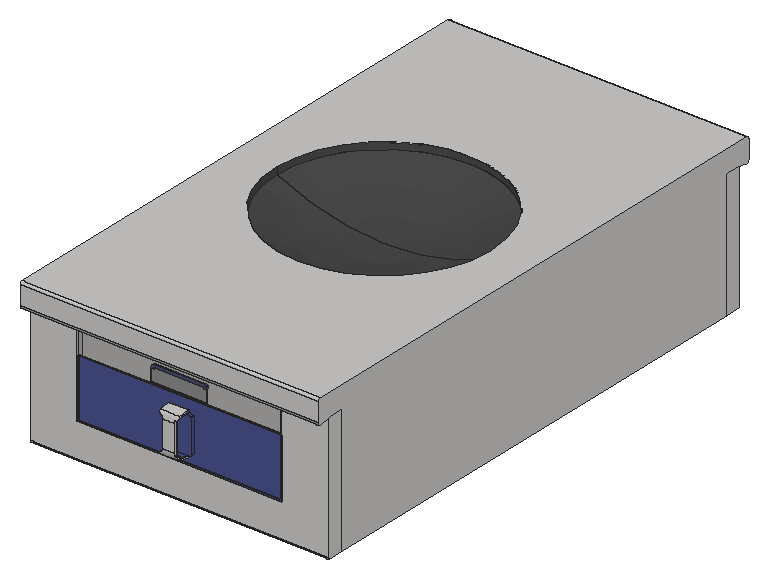
Revit family "QF_ELECTROLUXPROFESSIONAL_589034_MCIHAAEOAO", category Specialty Equipment, Revit 2018
Family settings
  Round Connector Dimension = Use Diameter
  Part Type = Normal
  Work Plane-Based = No
  Always vertical = Yes
  Cut with Voids When Loaded = No
  Shared = No
  Room Calculation Point = No
Parameters
  Weight in Pounds = 39.7
  Watts = 5000 VA  # 5000 W
  Volts = 400 V  # constant formula
  URL Cutsheet = ""
  Type Mark [instance] = ""
  Status [instance] = ""
  Specification by User [instance] = ""
  Specification by Manufacturer = ""
  Serial Number = ""
  Seismic Rating = ""
  SMACNA No = ""
  Revision Code [instance] = ""
  Phase = 3  # constant formula
  Omniclass Number and Title = ""
  Number of Poles [instance] = 1
  NAFEM Spec ID Number = ""
  Model = "589034"
  Min Ckt Ampacity = 0 A
  Max Overcurrent Protection = 0 A
  Masterspec = ""
  Manufacturer = "ELECTROLUX"
  Item Number [instance] = ""
  Installed By [instance] = ""
  Identify Quantity as Lot [instance] = yes
  HP = "6.7 HP"
  Furnished By [instance] = ""
  Foodservice Equipment Identifier [instance] = yes
  FL Amps [instance] = if(Phase = 3, Watts / (Volts * 1.73), Watts / Volts)  # 7.22543 A
  Electrical Remarks = "400 V/3N ph/50/60 Hz"  # constant formula
  Electric Connection Type [instance] = ""
  Elec Conn RI Height [instance] = 0 mm
  Elec Conn Connection Height [instance] = 0 mm
  Direct Waste Size = 0"
  Description = "INDUCTION WOK,1 ZONE,1-SIDE,500X900X250H"
  Cycle [instance] = if([60 Hertz Option], 60 Hz, 50 Hz)  # 60 Hz
  Conn Plug = ""
  Conn Conduit = yes
  CSI MasterFormat = ""
  CSI Master Format = ""
  Apparent Power [instance] = if(Phase = 3, Volts * FL Amps * 1.73, Volts * FL Amps)  # 5000 VA
  60 Hertz Option [instance] = not([50 Hertz Option])  # yes
  50 Hertz Option [instance] = no
Reference planes
  plane 1 "BACK": y = 0
  plane 2: z = 0
  plane 3 "LEFT": x = 0
  plane 4 "RIGHT": x = 500
  plane 5 "FRONT": y = -900
  plane 6 "TOP": z = 250
  plane 7: x = 250
  plane 8: y = -450
  plane 9: z = 582.185
  plane 10: x = 455
Forms (mm)
  Extrusion 1, solid, material "QF_Finishes_Stainless Steel"
    sketch origin (0, -487.128, 0) x (0, 1, 0) y (0, 0, 1)
      loop
        line (483.128, 250) -> (-408.872, 250)
        arc (-408.872, 250) -> (-411.7, 248.828) -> (-412.872, 246) r 4
        line (-412.872, 246) -> (-412.872, 214)
        arc (-412.872, 214) -> (-411.443, 210.936) -> (-408.177, 210.061) r 4
        line (-408.177, 210.061) -> (-391.509, 213) -> (-366.872, 213) -> (-366.872, 0) -> (441.128, 0) -> (441.128, 213) -> (465.765, 213) -> (482.433, 210.061)
        arc (482.433, 210.061) -> (485.699, 210.936) -> (487.128, 214) r 4
        line (487.128, 214) -> (487.128, 246)
        arc (487.128, 246) -> (485.956, 248.828) -> (483.128, 250) r 4
    from 0 to 500
  Extrusion 2, solid, material "QF_Finishes_Stainless Steel"
    sketch origin (0, 0, 0) x (0, 1, 0) y (0, 0, 1)
      loop
        line (-46, 0) -> (-20, 0) -> (-20, 213) -> (-46, 213) -> (-46, 0)
    from 0 to 500
  Extrusion 3, solid, material "QF_Finishes_Stainless Steel"
    sketch origin (0, -854, 0) x (1, 0, 0) y (0, -1, 0)
      loop
        circle (455, -169) r 6.35
    from 0 to 3.2
  Revolve 4, void
    sketch origin (-176.365, -450, 1219.2) x (-1, 0, 0) y (0, 0, 1)
      loop
        line (-426.365, -969.2) -> (-426.365, -1021.018)
        arc (-426.365, -1021.018) -> (-334.117, -1010.707) -> (-246.365, -980.45) r 421.407
        line (-246.365, -980.45) -> (-246.365, -969.2) -> (-426.365, -969.2)
      axis (-426.365, -969.2) -> (-426.365, -1021.018)
    angle from 0 to 360
Cuts and joins
  Revolve 4 cuts Extrusion 1
Lines and regions (mm)
  symbolic lines
    curve 1: line (0, 0, 0) -> (500, 0, 0)
    curve 2: line (0, -900, 0) -> (0, 0, 0)
    curve 3: line (500, -900, 0) -> (0, -900, 0)
    curve 4: line (500, 0, 0) -> (500, -900, 0)
    curve 5: arc (70, -450, 0) -> (250, -270, 0) -> (430, -450, 0) r 180
    curve 6: arc (430, -450, 0) -> (250, -630, 0) -> (70, -450, 0) r 180
Dimensions and locks
  plane 3 "LEFT" to plane 4 "RIGHT" = 500 mm
  plane 5 "FRONT" to plane 1 "BACK" = 900 mm
  equal spacing: plane 3 "LEFT", plane 7, plane 4 "RIGHT"
  equal spacing: plane 5 "FRONT", plane 8, plane 1 "BACK"
  plane 6 "TOP" to level = 250 mm  (x2)
  plane 1 "BACK" to plane 5 "FRONT" = 900 mm
  Extrusion 3 sketch curve to plane 1 "BACK" = 685 mm
  Extrusion 3 sketch curve to plane 4 "RIGHT" = 45 mm
  plane 1 "BACK" to Extrusion 3 = 685 mm
  plane 10 to plane 4 "RIGHT" = 45 mm
  aligned and locked: level to plane 2
  aligned and locked: Extrusion 2 to plane 4 "RIGHT"
  aligned and locked: plane 7 to nested 1
Automatic sketch dimensions
  Extrusion 1 sketch curve to plane 5 "FRONT" = 0 mm
  Extrusion 1 sketch curve to plane 6 "TOP" = 0 mm
  Extrusion 1 sketch curve to level = 0 mm
  Extrusion 1 sketch curve to plane 1 "BACK" = 0 mm
  Extrusion 1 sketch curve to plane 6 "TOP" = 37 mm  (x2)
  Extrusion 1 sketch curve to plane 5 "FRONT" = 4 mm
  Extrusion 1 sketch curve to plane 5 "FRONT" = 21.363 mm
  Extrusion 1 sketch curve to Extrusion 1 sketch curve = 24.637 mm
  plane 1 "BACK" to Extrusion 1 sketch curve = 46 mm
  plane 1 "BACK" to Extrusion 1 sketch curve = 21.363 mm
  plane 1 "BACK" to Extrusion 1 sketch curve = 4 mm  (x2)
  Extrusion 1 sketch curve to Extrusion 1 sketch curve = 4 mm
  Extrusion 1 sketch curve to Extrusion 1 sketch curve = 0.695 mm
  Extrusion 1 sketch curve to Extrusion 1 sketch curve = 0 mm  (x4)
  plane 1 "BACK" to Extrusion 1 sketch curve = 4.695 mm
  Extrusion 1 sketch curve to Extrusion 1 sketch curve = 1 mm  (x2)
  Extrusion 2 sketch curve to level = 0 mm
  Extrusion 2 sketch curve to Extrusion 2 sketch curve = 26 mm
  Revolve 4 sketch curve to plane 7 = 0 mm  (x2)
  Revolve 4 sketch curve to plane 6 "TOP" = 0 mm
  Revolve 4 sketch curve to plane 6 "TOP" = 51.818 mm
  plane 3 "LEFT" to Revolve 4 sketch curve = 70 mm
  plane 7 to Revolve 4 sketch curve = 0.405 mm
  Revolve 4 sketch curve to Revolve 4 sketch curve = 11.25 mm
  Revolve 4 sketch curve to level = 215 mm
  plane 6 "TOP" to Revolve 4 sketch curve = 110 mm
  plane 1 "BACK" to curve 1 = 0 mm
  curve 1 to plane 4 "RIGHT" = 0 mm
  curve 2 to plane 3 "LEFT" = 0 mm
  plane 5 "FRONT" to curve 3 = 0 mm
  curve 5 to plane 8 = 0 mm
  curve 6 to plane 7 = 0 mm
  plane 10 to curve 5 = 25 mm
  plane 1 "BACK" to Extrusion 2 sketch curve = 20 mm
  Extrusion 2 sketch curve to plane 6 "TOP" = 37 mm
  radius of Extrusion 3 sketch curve = 6.35 mm
Nested families
  nested 1: "IW_900_500 Panel Single Centered" at (250, -854, -651.71), type "IW_900_500 Panel Single Centered"
Connectors
  electrical at (455, -685, -3.2), driven by "Volts", driven by "Watts"
    settings: on Extrusion 3, index 1, voltage 400 V, apparent load 5000 VA, apparent load phase1 0 VA, apparent load phase2 0 VA, apparent load phase3 0 VA, power factor 1, load classification "Other", number of poles 1, system type 30, power factor state 1, is connector primary yes, connector utility no, sub classification motor no, connector description "ELECTRICAL CONNECTION"
Definition of nested family "IW_900_500 Panel Single Centered"
  Reference planes
    plane 1 "Center (Front/Back)": y = 0
    plane 2: z = 0
    plane 3 "Center (Left/Right)": x = 0
  Forms (mm)
    Extrusion 1, solid
      sketch origin (833.217, 829.203, -1.25) x (0, 1, 0) y (0, 0, 1)
        loop
          arc (-854.203, 655.96) -> (-853.324, 653.839) -> (-851.203, 652.96) r 3
          line (-851.203, 652.96) -> (-829.203, 652.96) -> (-829.203, 865.96) -> (-854.203, 865.96) -> (-854.203, 655.96)
      from -1083.217 to -583.217
    Extrusion 2, void
      sketch origin (33.217, 829.203, 0.636) x (1, 0, 0) y (0, 0, 1)
        loop
          line (-205.217, 852.364) -> (-205.217, 710.364) -> (138.783, 710.364) -> (138.783, 852.364) -> (-205.217, 852.364)
      from 843.409 to 854.203
  Cuts and joins
    Extrusion 2 cuts Extrusion 1
  Lines and regions (mm)
    symbolic lines
      curve 1: line (16.108, -48.326, 0) -> (16.108, -46, 0)
      curve 2: spline (10.439, -49.73, 0) -> (10.918, -49.657, 0) -> (11.396, -49.575, 0) -> (11.873, -49.486, 0) -> (12.349, -49.389, 0) -> (12.823, -49.283, 0) -> (13.297, -49.17, 0) -> (13.769, -49.049, 0) -> (14.24, -48.92, 0) -> (14.71, -48.783, 0) -> (15.177, -48.638, 0) -> (15.643, -48.486, 0) -> (16.108, -48.326, 0)
      curve 3: line (-16.108, -48.326, 0) -> (-16.108, -46, 0)
      curve 4: spline (-16.108, -48.326, 0) -> (-15.643, -48.486, 0) -> (-15.177, -48.638, 0) -> (-14.71, -48.783, 0) -> (-14.24, -48.92, 0) -> (-13.769, -49.049, 0) -> (-13.297, -49.17, 0) -> (-12.823, -49.283, 0) -> (-12.349, -49.389, 0) -> (-11.873, -49.486, 0) -> (-11.396, -49.575, 0) -> (-10.918, -49.657, 0) -> (-10.439, -49.73, 0)
      curve 5: line (10.439, -49.73, 0) -> (-10.439, -49.73, 0)
  Dimensions and locks
    cut or joined group of Extrusion 1, Extrusion 2 to cut or joined group of Extrusion 1, Extrusion 2 = 500 mm  (x2)
    equal spacing: cut or joined group of Extrusion 1, Extrusion 2, nested 1, cut or joined group of Extrusion 1, Extrusion 2
    cut or joined group of Extrusion 1, Extrusion 2 to cut or joined group of Extrusion 1, Extrusion 2 = 213 mm
    aligned and locked: nested 1 to cut or joined group of Extrusion 1, Extrusion 2
  Automatic sketch dimensions
    curve 3 to plane 3 "Center (Left/Right)" = 16.108 mm
    plane 3 "Center (Left/Right)" to curve 5 = 10.439 mm
    plane 1 "Center (Front/Back)" to curve 5 = 49.73 mm
    curve 3 to curve 5 = 5.669 mm
    curve 5 to curve 1 = 5.669 mm
    curve 5 to curve 4 = 4.17 mm
    plane 3 "Center (Left/Right)" to curve 2 = 6.269 mm
    curve 5 to curve 1 = 1.405 mm
    curve 4 to curve 3 = 1.405 mm
    curve 2 to curve 2 = 0.302 mm
    curve 4 to curve 5 = 0.302 mm
    curve 1 to curve 1 = 2.326 mm
    curve 4 to curve 3 = 2.326 mm
    Extrusion 1 sketch curve to plane 1 "Center (Front/Back)" = 0 mm
    level to Extrusion 1 sketch curve = 651.71 mm
    Extrusion 1 sketch curve to Extrusion 1 sketch curve = 22 mm
    Extrusion 1 sketch curve to Extrusion 1 sketch curve = 3 mm
    Extrusion 1 sketch curve to Extrusion 1 sketch curve = 210 mm
    Extrusion 2 sketch curve to plane 3 "Center (Left/Right)" = 172 mm
    level to Extrusion 2 sketch curve = 711 mm
    plane 3 "Center (Left/Right)" to Extrusion 2 sketch curve = 172 mm
    Extrusion 2 sketch curve to Extrusion 2 sketch curve = 142 mm
  Nested families
    nested 1: "glass conrol panel One Right Side" at (0, 279.791, 1.886), type "glass conrol panel One Right Side"
    nested 2: "Range Control Handle" at (0, -27.043, -209.113), type "Range Control Handle"
  Definition of nested family "glass conrol panel One Right Side"
    Reference planes
      plane 1 "Center (Front/Back)": y = 0
      plane 2: z = 0
      plane 3 "Center (Left/Right)": x = 0
    Forms (mm)
      Extrusion 1, solid
        sketch origin (378.286, 0, 0.617) x (1, 0, 0) y (0, 0, 1)
          loop
            line (-550.286, 806.791) -> (-550.286, 708.497) -> (-206.286, 708.497) -> (-206.286, 806.791) -> (-550.286, 806.791)
        from 300.031 to 304.8
      Extrusion 2, solid
        sketch origin (378.286, 0, 0.617) x (1, 0, 0) y (0, 0, 1)
          loop
            line (-550.286, 850.497) -> (-550.286, 806.791) -> (-206.286, 806.791) -> (-206.286, 850.497) -> (-550.286, 850.497)
        from 300.031 to 304.8
      Extrusion 3, solid
        sketch origin (308.333, 1.101, -0.633) x (1, 0, 0) y (0, 0, 1)
          loop
            line (-261.431, 812.62) -> (-261.431, 834.177) -> (-266.24, 834.177) -> (-268.039, 835.977) -> (-348.469, 835.977) -> (-350.269, 834.177) -> (-355.186, 834.177) -> (-355.186, 812.62) -> (-261.431, 812.62)
        from 304.798 to 306.745
      Extrusion 4, solid
        sketch origin (308.333, 1.101, -0.633) x (1, 0, 0) y (0, 0, 1)
          loop
            line (-350.269, 834.177) -> (-348.469, 835.977) -> (-268.039, 835.977) -> (-266.24, 834.177) -> (-261.529, 834.177)
            arc (-261.529, 834.177) -> (-262.706, 838.752) -> (-266.98, 840.763) r 5.549
            line (-266.98, 840.763) -> (-349.686, 840.763)
            arc (-349.686, 840.763) -> (-353.942, 838.747) -> (-355.078, 834.177) r 5.5
            line (-355.078, 834.177) -> (-350.269, 834.177)
        from 304.798 to 306.745
      Extrusion 5, void
        sketch origin (378.286, 0, 0.617) x (1, 0, 0) y (0, 0, 1)
          loop
            line (-547.628, 847.565) -> (-547.628, 710.699) -> (-209.196, 710.699) -> (-209.196, 847.565) -> (-547.628, 847.565)
        from 303.697 to 304.8
    Cuts and joins
      Extrusion 5 cuts Extrusion 2
      Extrusion 5 cuts Extrusion 1
    Dimensions and locks
      aligned and locked: Extrusion 1 to Extrusion 2
      aligned and locked: Extrusion 4 sketch curve to Extrusion 3  (x4)
      aligned and locked: Extrusion 3 to Extrusion 4 sketch curve
      aligned and locked: Extrusion 4 to Extrusion 3
  Definition of nested family "Range Control Handle"
    Reference planes
      plane 1 "Center (Front/Back)": y = 0
      plane 2: z = 0
      plane 3 "Center (Left/Right)": x = 0
      plane 4: z = 971.092
    Forms (mm)
      Extrusion 1, solid
        sketch origin (-746.28, 380.497, 208.931) x (-1, 0, 0) y (0, 0, 1)
          loop
            line (-770.101, 786.798) -> (-770.101, 731.649)
            arc (-770.101, 731.649) -> (-769.759, 730.563) -> (-768.855, 729.87) r 1.893
            line (-768.855, 729.87) -> (-763.474, 727.911) -> (-729.81, 727.911) -> (-724.428, 729.87)
            arc (-724.428, 729.87) -> (-723.525, 730.563) -> (-723.183, 731.649) r 1.893
            line (-723.183, 731.649) -> (-723.183, 786.798)
            arc (-723.183, 786.798) -> (-723.529, 787.894) -> (-724.44, 788.593) r 1.91
            line (-724.44, 788.593) -> (-729.683, 790.819) -> (-763.601, 790.819) -> (-768.844, 788.593)
            arc (-768.844, 788.593) -> (-769.755, 787.894) -> (-770.101, 786.798) r 1.91
        from -382.35 to -378.852
      Sweep 2, solid
        path origin (-746.788, 380.496, 208.091) x (0, -1, 0) y (0, 0, 1)
          loop
            line (379.775, 793.281) -> (395.661, 791.048)
            arc (395.661, 791.048) -> (397.781, 787.377) -> (398.517, 783.202) r 12.207
            line (398.517, 783.202) -> (398.517, 737.368)
            arc (398.517, 737.368) -> (397.781, 733.193) -> (395.661, 729.522) r 12.207
            line (395.661, 729.522) -> (379.775, 727.289)
        profile origin (-746.788, -7.222, 1000.256) x (0, -0.139173, 0.990268) y (-1, 0, 0)
          loop
            line (0.782, -763.123) -> (0.782, -730.907) -> (-1.322, -730.907) -> (-1.322, -763.123) -> (0.782, -763.123)
      Sweep 3, solid
        path origin (-746.788, 380.715, 207.832) x (0, -1, 0) y (0, 0, 1)
          loop
            line (380.478, 795.442) -> (397.218, 793.09)
            arc (397.218, 793.09) -> (399.929, 788.473) -> (400.871, 783.202) r 15.207
            line (400.871, 783.202) -> (400.871, 737.584)
            arc (400.871, 737.584) -> (399.914, 732.274) -> (397.164, 727.633) r 15.207
            line (397.164, 727.633) -> (380.601, 725.305)
        profile origin (-746.788, -8.132, 1002.099) x (0, -0.139173, 0.990268) y (-1, 0, 0)
          loop
            line (0.782, -763.123) -> (0.782, -730.907) -> (-1.322, -730.907) -> (-1.322, -763.123) -> (0.782, -763.123)
      Extrusion 4, void
        sketch origin (889.253, 220.666, 207.993) x (1, 0, 0) y (0, 0, 1)
          loop
            line (-943.038, 816.854) -> (-943.038, 703.686) -> (-899.466, 734.196) -> (-899.466, 786.344) -> (-943.038, 816.854)
        from 230.636 to 242.25
      Extrusion 5, void
        sketch origin (-888.8, 220.666, 207.993) x (-1, 0, 0) y (0, 0, -1)
          loop
            line (-943.038, -816.854) -> (-899.466, -786.344) -> (-899.466, -734.196) -> (-943.038, -703.686) -> (-943.038, -816.854)
        from 230.636 to 242.25
      Extrusion 6, solid
        sketch origin (0, 0, 0) x (1, 0, 0) y (0, 0, 1)
          loop
            circle (0, 971.092) r 7.736
        from -3.137 to -1.645
    Cuts and joins
      Extrusion 4, Extrusion 5 cuts Sweep 3
      Extrusion 4, Extrusion 5 cuts Sweep 2
      joined: Extrusion 1, Extrusion 6
    Lines and regions (mm)
      symbolic lines
        curve 1: line (23.821, 1.645, 0) -> (-23.097, 1.645, 0)
        curve 2: line (16.334, -1.853, 0) -> (23.821, -1.853, 0)
        curve 3: line (-15.881, -19.189, 0) -> (-15.881, -1.853, 0)
        curve 4: line (-23.097, -1.853, 0) -> (-15.881, -1.853, 0)
        curve 5: line (16.334, -19.189, 0) -> (16.334, -1.853, 0)
        curve 6: spline (-15.881, -19.189, 0) -> (-15.417, -19.349, 0) -> (-14.951, -19.501, 0) -> (-14.483, -19.646, 0) -> (-14.014, -19.783, 0) -> (-13.543, -19.912, 0) -> (-13.071, -20.033, 0) -> (-12.597, -20.146, 0) -> (-12.122, -20.251, 0) -> (-11.646, -20.349, 0) -> (-11.169, -20.438, 0) -> (-10.691, -20.52, 0) -> (-10.213, -20.593, 0)
        curve 7: spline (10.666, -20.593, 0) -> (11.144, -20.52, 0) -> (11.622, -20.438, 0) -> (12.099, -20.349, 0) -> (12.575, -20.251, 0) -> (13.05, -20.146, 0) -> (13.524, -20.033, 0) -> (13.996, -19.912, 0) -> (14.467, -19.783, 0) -> (14.936, -19.646, 0) -> (15.404, -19.501, 0) -> (15.87, -19.349, 0) -> (16.334, -19.189, 0)
        curve 8: line (-10.213, -20.938, 0) -> (10.716, -20.938, 0)
        curve 9: line (-23.097, 1.645, 0) -> (-23.097, -1.853, 0)
        curve 10: line (23.821, 1.645, 0) -> (23.821, -1.853, 0)
